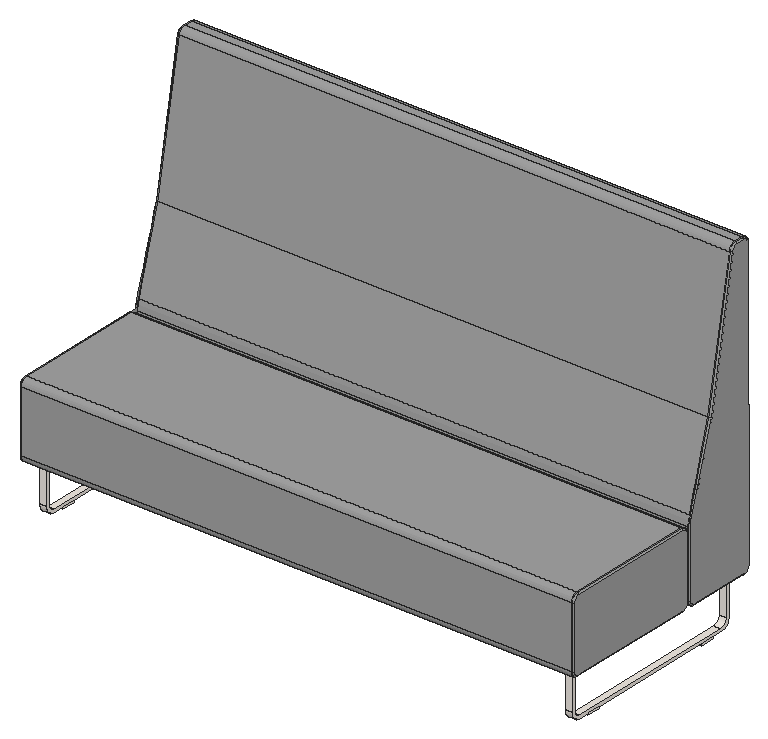
Revit family "Haworth_Riverbend_StraightBench_AP_PRELIMINARY", category Furniture, Revit 2018
Family settings
  OmniClass Number = 23.40.70.14.64.21
  OmniClass Title = Systems Furniture
  Work Plane-Based = No
  Always vertical = Yes
  Cut with Voids When Loaded = No
  Shared = No
  Room Calculation Point = No
Parameters (values of type "2000w x 795d x 720h - High Back")
  Width = 2000 mm
  Warranty = "http://www.haworth.com/resources/product-info/warranties"
  URL - Product = "https://www.haworth.com/ap/en/products/sofas-armchairs/riverbend-pebble.html"
  Trim Finish = Haworth _ Paint _ Plaster
  Symbolic Line Controler = not(No Back)  # yes
  Seat Upholstery Finish [instance] = Haworth _ Fabric _ Tellure _ Steel 3A-39
  No Back = not(or(Mid Back, High Back))  # no
  Min. Width = 700 mm  # constant formula
  Min. Depth = 795 mm  # constant formula
  Mid Back = no
  Max. Width = 2000 mm  # constant formula
  Max. Depth = 850 mm  # constant formula
  Model = "SERISXNX"  # constant formula
  Low = no
  High Back = yes
  High = not(Low)  # yes
  Hardware Finish = Haworth _ Paint _ Plaster
  Front Finish = Haworth _ Plastic _ Black
  Description = "Haworth - Riverbend - Straight Bench"  # constant formula
  URL = "https://www.haworth.com/ap/en.html"
  Size = "Verify Final Dim. w/ Haworth"  # constant formula
  Revision Number = "1"  # constant formula
  Manufacturer = "Haworth"  # constant formula
  Depth = 795 mm
  Custom Width = not(or(Width = 700 mm, Width = 1400 mm, Width = 1700 mm, Width = 2000 mm))  # no
  Custom Size = Custom Width  # no
  Back Upholstery Finish [instance] = Haworth _ Fabric _ Tellure _ Steel 3A-39
  Author = "Haworth (Bentzen, Abd Rahman)"  # constant formula
  Assembly Code = "E2020200"
  Actual Width = if(Width > Max. Width, Max. Width, if(Width < Min. Width, Min. Width, Width))  # 2000 mm
  Actual Height = if(Low, 390 mm, 450 mm)  # 450 mm
  Actual Depth = if(Depth > Max. Depth, Max. Depth, if(Depth < Min. Depth, Min. Depth, Depth))  # 795 mm
Reference planes
  plane 1 "Center F/B": y = 29.014
  plane 2 "Bottom": z = 0
  plane 3 "Center L/R": x = -495.3
  plane 4 "Left": x = -1495.3
  plane 5 "Right": x = 504.7
  plane 6 "Frame Back": y = 426.514
  plane 7 "Chair Front": y = -368.486
  plane 8 "Top": z = 450
  plane 9 "Foot Front - Back of Foot": y = -224.511
  plane 10 "Leg Left - Left of Leg Bracket": x = -1455.7
  plane 11 "Leg Left - Right of Leg": x = -1430.3
  plane 12 "Leg Left - Right of Leg Bracket": x = -1395.375
  plane 13 "Leg Right - Right of Leg Bracket": x = 465.1
  plane 14 "Leg Right - Left of Leg Bracket": x = 404.775
  plane 15 "Leg Right - Left of Leg": x = 439.7
  plane 16 "Left - Top of Chamfer Edge": x = -1488.95
  plane 17 "Right - Top of Chamfer Edge": x = 498.35
  plane 18 "Top - Bottom of Chamfer Edge": z = 443.65
  plane 19 "Frame Bottom": z = 176.95
  plane 20 "Leg Bracket - Bottom": z = 177.8
  plane 21 "Leg Back - Front of Leg": y = 372.139
  plane 22: z = 1270
  plane 23: y = 170.748
  plane 24: y = 177.098
  plane 25: y = 181.627
Lines and regions (mm)
  Masking region 1
    outline origin (0, 0, 450) x (-1, 0, 0) y (0, -1, 0)
      loop
        line (1495.3, -426.514) -> (1495.3, 368.486) -> (-504.7, 368.486) -> (-504.7, -426.514) -> (1495.3, -426.514)
  symbolic lines, style "Haworth", visible <- "Symbolic Line Controler"
    curve 1: line (-1488.95, 183.798, 450) -> (498.35, 183.798, 450)
Dimensions and locks
  "Actual Width": plane 4 "Left" to plane 5 "Right"
  equal spacing: plane 4 "Left", plane 3 "Center L/R", plane 5 "Right"
  "Actual Depth": plane 6 "Frame Back" to plane 7 "Chair Front"
  equal spacing: plane 6 "Frame Back", plane 1 "Center F/B", plane 7 "Chair Front"
  locked: plane 4 "Left" to plane 16 "Left - Top of Chamfer Edge" at 6.35
  locked: plane 17 "Right - Top of Chamfer Edge" to plane 5 "Right" at 6.35
  plane 16 "Left - Top of Chamfer Edge" to plane 10 "Leg Left - Left of Leg Bracket" to plane 11 "Leg Left - Right of Leg" to plane 12 "Leg Left - Right of Leg Bracket" = 33.25 mm locked, 25.4 mm locked, 34.925 mm locked
  plane 14 "Leg Right - Left of Leg Bracket" to plane 15 "Leg Right - Left of Leg" to plane 13 "Leg Right - Right of Leg Bracket" to plane 17 "Right - Top of Chamfer Edge" = 34.925 mm locked, 25.4 mm locked, 33.25 mm locked
  locked: plane 8 "Top" to plane 18 "Top - Bottom of Chamfer Edge" at 6.35
  plane 8 "Top" to plane 19 "Frame Bottom" = 273.05 mm
  "Actual Height": plane 8 "Top" to plane 2 "Bottom"
  plane 8 "Top" to plane 2 "Bottom" = 450 mm
  plane 22 to level = 1270 mm
  plane 21 "Leg Back - Front of Leg" to plane 6 "Frame Back" = 54.375 mm
  plane 1 "Center F/B" to plane 23 to plane 24 to plane 25 = 141.734 mm locked, 6.35 mm locked, 4.529 mm locked
  aligned and locked: plane 7 "Chair Front" to Masking region 1 sketch curve
  aligned and locked: Masking region 1 sketch curve to plane 5 "Right"
  aligned and locked: Masking region 1 sketch curve to plane 4 "Left"
  aligned and locked: Masking region 1 sketch curve to plane 6 "Frame Back"
  aligned and locked: plane 3 "Center L/R" to nested 1
  aligned and locked: plane 7 "Chair Front" to nested 1
  aligned and locked: plane 3 "Center L/R" to nested 3
  aligned and locked: plane 1 "Center F/B" to nested 3
  aligned and locked: plane 3 "Center L/R" to nested 2
  aligned and locked: plane 6 "Frame Back" to nested 2
  aligned and locked: nested 1 to plane 19 "Frame Bottom"
  aligned and locked: nested 2 to plane 19 "Frame Bottom"
  aligned and locked: plane 19 "Frame Bottom" to nested 3  (x2)
Automatic sketch dimensions
  curve 1 to plane 17 "Right - Top of Chamfer Edge" = 0 mm
  curve 1 to plane 16 "Left - Top of Chamfer Edge" = 0 mm
  curve 1 to plane 25 = 2.172 mm
Nested families
  nested 1: "Haworth_Riverbend_StraightBench_Seat-PART" at (0, -5.9, 0), Seat Upholstery Finish <- "Seat Upholstery Finish", type "Seat - PART"
    with Seat Upholstery Finish Haworth _ Fabric _ Tellure _ Steel 3A-39, No Back no, Mid Back no, Actual Width 2000 mm, Actual Depth 795 mm
  nested 2: "Haworth_Riverbend_StraightBench_Back-PART" at (0, -21.6, 0), Back Upholstery Finish <- "Back Upholstery Finish", type "Back - PART"
    with Back Upholstery Finish Haworth _ Fabric _ Tellure _ Steel 3A-39, No Back no, Mid Back no, Actual Width 2000 mm, Actual Height 450 mm, Actual Depth 795 mm
  nested 3: "Haworth_Riverbend_StraightBench_Base-PART" at (0, 21.6, 0), Trim Finish <- "Trim Finish", type "Base - PART"
    with Trim Finish Haworth _ Paint _ Plaster, Power Module no, Actual Height 450 mm
Definition of nested family "Haworth_Riverbend_StraightBench_Seat-PART"
  Parameters (values of type "Seat - PART")
    Warranty = "http://www.haworth.com/resources/product-info/warranties"
    URL - Product = "http://www.haworth.com/products/seating/sofas/riverbend-pebble"
    Symbolic Line Controller = yes
    Seat Upholstery Finish [instance] = none
    No Back = yes
    Mid Back = yes
    Model = "Haworth - Riverbend"  # constant formula
    High Back = yes
    Description = "Haworth - Riverbend - Seat - PART"  # constant formula
    URL = "http://www.haworth.com"
    Size = "Verify Final Dim. w/ Haworth"  # constant formula
    Revision Number = "1"  # constant formula
    Manufacturer = "Haworth"  # constant formula
    Author = "Haworth (Bentzen, Abd Rahman)"  # constant formula
    Assembly Code = "E2020200"
    Actual Width = 1700 mm
    Actual Height = 450 mm
    Actual Depth = 850 mm
  Reference planes
    plane 1 "Center F/B": y = 34.914
    plane 2 "Bottom": z = 0
    plane 3 "Center L/R": x = -495.3
    plane 4 "Left": x = -1345.3
    plane 5 "Right": x = 354.7
    plane 6 "Frame Back": y = 459.914
    plane 7 "Chair Front": y = -390.086
    plane 8 "Top": z = 450
    plane 9 "Back - Chamfer Edge": y = 453.564
    plane 10 "Left - Top of Chamfer Edge": x = -1338.95
    plane 11 "Right - Top of Chamfer Edge": x = 348.35
    plane 12 "Top - Bottom of Chamfer Edge": z = 443.65
    plane 13 "Frame Bottom": z = 176.95
    plane 14 "Bottom - Top of Chamfer Edge": z = 183.3
    plane 15 "Front - Chamfer Edge": y = -383.736
    plane 16 "Leg Bracket - Bottom": z = 177.8
    plane 17 "Leg Bottom - Top of Bottom": z = 15.875
    plane 18 "Foot - Top of Foot": z = 6.35
    plane 19 "Power Mod - Right": x = -544.6
    plane 20: z = 1263.65
    plane 21: y = 176.648
    plane 22: y = 182.998
    plane 23: y = 187.527
  Forms (mm)
    Extrusion 1, solid, material <- "Seat Upholstery Finish", visible <- "No Back"
      sketch origin (-1345.3, 0, 0) x (0, -1, 0) y (0, 0, 1)
        loop
          arc (-434.514, 450) -> (-452.475, 442.561) -> (-459.914, 424.6) r 25.4
          line (-459.914, 424.6) -> (-459.914, 202.35)
          arc (-459.914, 202.35) -> (-452.475, 184.389) -> (-434.514, 176.95) r 25.4
          line (-434.514, 176.95) -> (364.686, 176.95)
          arc (364.686, 176.95) -> (382.646, 184.389) -> (390.086, 202.35) r 25.4
          line (390.086, 202.35) -> (390.086, 424.6)
          arc (390.086, 424.6) -> (382.646, 442.561) -> (364.686, 450) r 25.4
          line (364.686, 450) -> (-434.514, 450)
      from -1693.65 to -6.35
    Extrusion 2, solid, material <- "Seat Upholstery Finish", visible <- "High Back"
      sketch origin (-1345.3, -271.016, 0) x (0, -1, 0) y (0, 0, 1)
        loop
          arc (-428.614, 450) -> (-446.575, 442.561) -> (-454.014, 424.6) r 25.4
          line (-454.014, 424.6) -> (-454.014, 202.35)
          arc (-454.014, 202.35) -> (-446.575, 184.389) -> (-428.614, 176.95) r 25.4
          line (-428.614, 176.95) -> (93.67, 176.95)
          arc (93.67, 176.95) -> (111.63, 184.389) -> (119.07, 202.35) r 25.4
          line (119.07, 202.35) -> (119.07, 424.6)
          arc (119.07, 424.6) -> (111.63, 442.561) -> (93.67, 450) r 25.4
          line (93.67, 450) -> (-428.614, 450)
      from -1693.65 to -6.35
    Extrusion 3, solid, material <- "Seat Upholstery Finish", visible <- "Mid Back"
      sketch origin (-1345.3, -220, 0) x (0, -1, 0) y (0, 0, 1)
        loop
          arc (-383.498, 450) -> (-401.459, 442.561) -> (-408.898, 424.6) r 25.4
          line (-408.898, 424.6) -> (-408.898, 202.35)
          arc (-408.898, 202.35) -> (-401.459, 184.389) -> (-383.498, 176.95) r 25.4
          line (-383.498, 176.95) -> (144.686, 176.95)
          arc (144.686, 176.95) -> (162.646, 184.389) -> (170.086, 202.35) r 25.4
          line (170.086, 202.35) -> (170.086, 424.6)
          arc (170.086, 424.6) -> (162.646, 442.561) -> (144.686, 450) r 25.4
          line (144.686, 450) -> (-383.498, 450)
      from -1693.65 to -6.35
    Blend 4, solid, material <- "Seat Upholstery Finish", visible <- "No Back"
      base sketch origin (850.9, 0, 0) x (0, -1, 0) y (0, 0, -1)
        loop
          arc (364.686, -450) -> (382.646, -442.561) -> (390.086, -424.6) r 25.4
          line (390.086, -424.6) -> (390.086, -202.35)
          arc (390.086, -202.35) -> (382.646, -184.389) -> (364.686, -176.95) r 25.4
          line (364.686, -176.95) -> (-434.514, -176.95)
          arc (-434.514, -176.95) -> (-452.475, -184.389) -> (-459.914, -202.35) r 25.4
          line (-459.914, -202.35) -> (-459.914, -424.6)
          arc (-459.914, -424.6) -> (-452.475, -442.561) -> (-434.514, -450) r 25.4
          line (-434.514, -450) -> (364.686, -450)
      top sketch origin (355.6, 0, 0) x (0, -1, 0) y (0, 0, -1)
        loop
          line (-434.514, -443.65) -> (364.686, -443.65)
          arc (364.686, -443.65) -> (378.156, -438.07) -> (383.736, -424.6) r 19.05
          line (383.736, -424.6) -> (383.736, -202.35)
          arc (383.736, -202.35) -> (378.156, -188.88) -> (364.686, -183.3) r 19.05
          line (364.686, -183.3) -> (-434.514, -183.3)
          arc (-434.514, -183.3) -> (-447.984, -188.88) -> (-453.564, -202.35) r 19.05
          line (-453.564, -202.35) -> (-453.564, -424.6)
          arc (-453.564, -424.6) -> (-447.984, -438.07) -> (-434.514, -443.65) r 19.05
      from -502.55 to -0.9
    Blend 5, solid, material <- "Seat Upholstery Finish", visible <- "Symbolic Line Controller"
      base sketch origin (850.9, -220, 0) x (0, -1, 0) y (0, 0, -1)
        loop
          arc (144.686, -450) -> (162.646, -442.561) -> (170.086, -424.6) r 25.4
          line (170.086, -424.6) -> (170.086, -202.35)
          arc (170.086, -202.35) -> (162.646, -184.389) -> (144.686, -176.95) r 25.4
          line (144.686, -176.95) -> (-377.598, -176.95)
          arc (-377.598, -176.95) -> (-395.559, -184.389) -> (-402.998, -202.35) r 25.4
          line (-402.998, -202.35) -> (-402.998, -424.6)
          arc (-402.998, -424.6) -> (-395.559, -442.561) -> (-377.598, -450) r 25.4
          line (-377.598, -450) -> (144.686, -450)
      top sketch origin (355.6, -220, 0) x (0, -1, 0) y (0, 0, -1)
        loop
          line (-377.598, -443.65) -> (144.686, -443.65)
          arc (144.686, -443.65) -> (158.156, -438.07) -> (163.736, -424.6) r 19.05
          line (163.736, -424.6) -> (163.736, -202.35)
          arc (163.736, -202.35) -> (158.156, -188.88) -> (144.686, -183.3) r 19.05
          line (144.686, -183.3) -> (-377.598, -183.3)
          arc (-377.598, -183.3) -> (-391.068, -188.88) -> (-396.648, -202.35) r 19.05
          line (-396.648, -202.35) -> (-396.648, -424.6)
          arc (-396.648, -424.6) -> (-391.068, -438.07) -> (-377.598, -443.65) r 19.05
      from -502.55 to -0.9
    Blend 6, solid, material <- "Seat Upholstery Finish", visible <- "No Back"
      base sketch origin (-2651.3, 0, 0) x (0, -1, 0) y (0, 0, 1)
        loop
          line (364.686, 450) -> (-434.514, 450)
          arc (-434.514, 450) -> (-452.475, 442.561) -> (-459.914, 424.6) r 25.4
          line (-459.914, 424.6) -> (-459.914, 202.35)
          arc (-459.914, 202.35) -> (-452.475, 184.389) -> (-434.514, 176.95) r 25.4
          line (-434.514, 176.95) -> (364.686, 176.95)
          arc (364.686, 176.95) -> (382.646, 184.389) -> (390.086, 202.35) r 25.4
          line (390.086, 202.35) -> (390.086, 424.6)
          arc (390.086, 424.6) -> (382.646, 442.561) -> (364.686, 450) r 25.4
      top sketch origin (-2156, 0, 0) x (0, -1, 0) y (0, 0, 1)
        loop
          arc (-434.514, 443.65) -> (-447.984, 438.07) -> (-453.564, 424.6) r 19.05
          line (-453.564, 424.6) -> (-453.564, 202.35)
          arc (-453.564, 202.35) -> (-447.984, 188.88) -> (-434.514, 183.3) r 19.05
          line (-434.514, 183.3) -> (364.686, 183.3)
          arc (364.686, 183.3) -> (378.156, 188.88) -> (383.736, 202.35) r 19.05
          line (383.736, 202.35) -> (383.736, 424.6)
          arc (383.736, 424.6) -> (378.156, 438.07) -> (364.686, 443.65) r 19.05
          line (364.686, 443.65) -> (-434.514, 443.65)
      from -1312.35 to -810.7
    Blend 7, solid, material <- "Seat Upholstery Finish", visible <- "Symbolic Line Controller"
      base sketch origin (-2651.3, -220, 0) x (0, -1, 0) y (0, 0, 1)
        loop
          line (144.686, 450) -> (-377.598, 450)
          arc (-377.598, 450) -> (-395.559, 442.561) -> (-402.998, 424.6) r 25.4
          line (-402.998, 424.6) -> (-402.998, 202.35)
          arc (-402.998, 202.35) -> (-395.559, 184.389) -> (-377.598, 176.95) r 25.4
          line (-377.598, 176.95) -> (144.686, 176.95)
          arc (144.686, 176.95) -> (162.646, 184.389) -> (170.086, 202.35) r 25.4
          line (170.086, 202.35) -> (170.086, 424.6)
          arc (170.086, 424.6) -> (162.646, 442.561) -> (144.686, 450) r 25.4
      top sketch origin (-2156, -220, 0) x (0, -1, 0) y (0, 0, 1)
        loop
          arc (-377.598, 443.65) -> (-391.068, 438.07) -> (-396.648, 424.6) r 19.05
          line (-396.648, 424.6) -> (-396.648, 202.35)
          arc (-396.648, 202.35) -> (-391.068, 188.88) -> (-377.598, 183.3) r 19.05
          line (-377.598, 183.3) -> (144.686, 183.3)
          arc (144.686, 183.3) -> (158.156, 188.88) -> (163.736, 202.35) r 19.05
          line (163.736, 202.35) -> (163.736, 424.6)
          arc (163.736, 424.6) -> (158.156, 438.07) -> (144.686, 443.65) r 19.05
          line (144.686, 443.65) -> (-377.598, 443.65)
      from -1312.35 to -810.7
  Lines and regions (mm)
    Masking region 1
      outline origin (0, 0, 450) x (-1, 0, 0) y (0, -1, 0)
        loop
          line (1345.3, -459.914) -> (1345.3, 390.086) -> (-354.7, 390.086) -> (-354.7, -459.914) -> (1345.3, -459.914)
    symbolic lines, detail levels medium+fine
      curve 1: line (-1338.95, 189.698, 450) -> (348.35, 189.698, 450)
  Dimensions and locks
    "Actual Width": plane 4 "Left" to plane 5 "Right"
    equal spacing: plane 4 "Left", plane 3 "Center L/R", plane 5 "Right"
    "Actual Depth": plane 6 "Frame Back" to plane 7 "Chair Front"
    equal spacing: plane 6 "Frame Back", plane 1 "Center F/B", plane 7 "Chair Front"
    locked: plane 6 "Frame Back" to plane 9 "Back - Chamfer Edge" at 6.35
    locked: plane 4 "Left" to plane 10 "Left - Top of Chamfer Edge" at 6.35
    locked: plane 11 "Right - Top of Chamfer Edge" to plane 5 "Right" at 6.35
    locked: plane 8 "Top" to plane 12 "Top - Bottom of Chamfer Edge" at 6.35
    locked: plane 14 "Bottom - Top of Chamfer Edge" to plane 13 "Frame Bottom" at 6.35
    plane 8 "Top" to plane 13 "Frame Bottom" = 273.05 mm
    "Actual Height": plane 8 "Top" to plane 2 "Bottom"
    locked: plane 15 "Front - Chamfer Edge" to plane 7 "Chair Front" at 6.35
    plane 8 "Top" to plane 2 "Bottom" = 450 mm
    plane 21 to plane 22 to plane 23 to plane 9 "Back - Chamfer Edge" = 6.35 mm locked, 4.529 mm locked, 266.037 mm locked
    aligned and locked: plane 6 "Frame Back" to Extrusion 1
    aligned and locked: Extrusion 1 to plane 7 "Chair Front"
    aligned and locked: Extrusion 1 to plane 10 "Left - Top of Chamfer Edge"
    aligned and locked: plane 11 "Right - Top of Chamfer Edge" to Extrusion 1
    aligned and locked: Extrusion 1 to plane 13 "Frame Bottom"
    aligned and locked: plane 8 "Top" to Extrusion 1
    aligned and locked: plane 11 "Right - Top of Chamfer Edge" to Extrusion 3
    aligned and locked: plane 11 "Right - Top of Chamfer Edge" to Extrusion 2
    aligned and locked: Extrusion 3 sketch curve to plane 8 "Top"
    aligned and locked: plane 7 "Chair Front" to Extrusion 3 sketch curve
    aligned and locked: plane 13 "Frame Bottom" to Extrusion 3 sketch curve
    aligned and locked: plane 13 "Frame Bottom" to Extrusion 2 sketch curve
    aligned and locked: Extrusion 2 sketch curve to plane 8 "Top"
    aligned and locked: plane 7 "Chair Front" to Extrusion 2 sketch curve
    aligned and locked: plane 5 "Right" to Blend 4
    aligned and locked: Blend 4 to plane 11 "Right - Top of Chamfer Edge"
    aligned and locked: plane 5 "Right" to Blend 5
    aligned and locked: Blend 5 to plane 11 "Right - Top of Chamfer Edge"
    aligned and locked: plane 10 "Left - Top of Chamfer Edge" to Blend 7
    aligned and locked: plane 10 "Left - Top of Chamfer Edge" to Blend 6
    aligned and locked: plane 4 "Left" to Blend 7
    aligned and locked: plane 4 "Left" to Blend 6
    aligned and locked: plane 7 "Chair Front" to Masking region 1 sketch curve
    aligned and locked: Masking region 1 sketch curve to plane 5 "Right"
    aligned and locked: Masking region 1 sketch curve to plane 4 "Left"
    aligned and locked: Masking region 1 sketch curve to plane 6 "Frame Back"
    aligned and locked: plane 22 to Blend 5 sketch curve
    aligned and locked: plane 7 "Chair Front" to Blend 5 sketch curve
    aligned and locked: Blend 5 sketch curve to plane 8 "Top"
    aligned and locked: plane 13 "Frame Bottom" to Blend 5 sketch curve
    aligned and locked: plane 12 "Top - Bottom of Chamfer Edge" to Blend 5 sketch curve
    aligned and locked: plane 15 "Front - Chamfer Edge" to Blend 5 sketch curve
    aligned and locked: plane 14 "Bottom - Top of Chamfer Edge" to Blend 5 sketch curve
    aligned and locked: Blend 5 sketch curve to plane 21
    aligned and locked: plane 13 "Frame Bottom" to Blend 4 sketch curve
    aligned and locked: Blend 4 sketch curve to plane 6 "Frame Back"
    aligned and locked: Blend 4 sketch curve to plane 8 "Top"
    aligned and locked: plane 7 "Chair Front" to Blend 4 sketch curve
    aligned and locked: plane 15 "Front - Chamfer Edge" to Blend 4 sketch curve
    aligned and locked: plane 12 "Top - Bottom of Chamfer Edge" to Blend 4 sketch curve
    aligned and locked: plane 14 "Bottom - Top of Chamfer Edge" to Blend 4 sketch curve
    aligned and locked: plane 9 "Back - Chamfer Edge" to Blend 4 sketch curve
    aligned and locked: plane 8 "Top" to Extrusion 1 sketch curve
    aligned and locked: Extrusion 1 sketch curve to plane 13 "Frame Bottom"
    aligned and locked: plane 6 "Frame Back" to Extrusion 1 sketch curve
    aligned and locked: Extrusion 1 sketch curve to plane 7 "Chair Front"
  Automatic sketch dimensions
    curve 1 to plane 11 "Right - Top of Chamfer Edge" = 0 mm
    curve 1 to plane 10 "Left - Top of Chamfer Edge" = 0 mm
    Extrusion 1 sketch curve to plane 9 "Back - Chamfer Edge" = 19.05 mm  (x2)
    Extrusion 2 sketch curve to Extrusion 2 sketch curve = 25.4 mm
    Extrusion 2 sketch curve to plane 12 "Top - Bottom of Chamfer Edge" = 19.05 mm
    plane 14 "Bottom - Top of Chamfer Edge" to Extrusion 3 sketch curve = 19.05 mm  (x2)
    Blend 4 sketch curve to plane 9 "Back - Chamfer Edge" = 19.05 mm  (x4)
    Blend 6 sketch curve to plane 6 "Frame Back" = 0 mm
    Blend 6 sketch curve to plane 13 "Frame Bottom" = 0 mm
    Blend 6 sketch curve to plane 8 "Top" = 0 mm
    Blend 6 sketch curve to plane 7 "Chair Front" = 0 mm
    Blend 6 sketch curve to plane 9 "Back - Chamfer Edge" = 19.05 mm  (x4)
    Blend 6 sketch curve to plane 9 "Back - Chamfer Edge" = 0 mm
    Blend 6 sketch curve to plane 14 "Bottom - Top of Chamfer Edge" = 0 mm
    Blend 6 sketch curve to plane 12 "Top - Bottom of Chamfer Edge" = 0 mm
    Blend 6 sketch curve to plane 15 "Front - Chamfer Edge" = 0 mm
    Blend 7 sketch curve to plane 13 "Frame Bottom" = 0 mm
    Blend 7 sketch curve to plane 8 "Top" = 0 mm
    Blend 7 sketch curve to plane 7 "Chair Front" = 0 mm
    Blend 7 sketch curve to plane 12 "Top - Bottom of Chamfer Edge" = 19.05 mm
    Blend 7 sketch curve to plane 1 "Center F/B" = 122.684 mm  (x2)
    plane 14 "Bottom - Top of Chamfer Edge" to Blend 7 sketch curve = 19.05 mm  (x3)
    Blend 7 sketch curve to plane 14 "Bottom - Top of Chamfer Edge" = 0 mm
    Blend 7 sketch curve to plane 12 "Top - Bottom of Chamfer Edge" = 0 mm
    Blend 7 sketch curve to plane 15 "Front - Chamfer Edge" = 0 mm
    Blend 7 sketch curve to Blend 7 sketch curve = 19.05 mm
    Blend 5 sketch curve to plane 12 "Top - Bottom of Chamfer Edge" = 19.05 mm
    plane 14 "Bottom - Top of Chamfer Edge" to Blend 5 sketch curve = 19.05 mm  (x2)
    Blend 5 sketch curve to Blend 5 sketch curve = 19.05 mm  (x2)
    Extrusion 2 sketch curve to plane 22 = 0 mm
    plane 14 "Bottom - Top of Chamfer Edge" to Extrusion 1 sketch curve = 19.05 mm
    plane 15 "Front - Chamfer Edge" to Extrusion 1 sketch curve = 19.05 mm
    plane 14 "Bottom - Top of Chamfer Edge" to Extrusion 2 sketch curve = 19.05 mm
    plane 15 "Front - Chamfer Edge" to Extrusion 2 sketch curve = 19.05 mm
    plane 15 "Front - Chamfer Edge" to Extrusion 3 sketch curve = 19.05 mm
    plane 15 "Front - Chamfer Edge" to Blend 4 sketch curve = 19.05 mm  (x3)
    Blend 4 sketch curve to Blend 4 sketch curve = 19.05 mm
    plane 15 "Front - Chamfer Edge" to Blend 5 sketch curve = 19.05 mm  (x3)
    plane 15 "Front - Chamfer Edge" to Blend 6 sketch curve = 19.05 mm  (x3)
    plane 14 "Bottom - Top of Chamfer Edge" to Blend 6 sketch curve = 19.05 mm
    plane 15 "Front - Chamfer Edge" to Blend 7 sketch curve = 19.05 mm  (x3)
    curve 1 to plane 23 = 2.172 mm
    plane 21 to Extrusion 3 sketch curve = 13.15 mm  (x2)
Definition of nested family "Haworth_Riverbend_StraightBench_Back-PART"
  Parameters (values of type "Back - PART")
    Warranty = "http://www.haworth.com/resources/product-info/warranties"
    URL - Product = "http://www.haworth.com/products/seating/sofas/riverbend-pebble"
    No Back = yes
    Mid Back = yes
    Model = "Haworth - Riverbend"  # constant formula
    High Back = yes
    Description = "Haworth - Riverbend - Back - PART"  # constant formula
    URL = "http://www.haworth.com"
    Size = "Verify Final Dim. w/ Haworth"  # constant formula
    Revision Number = "1"  # constant formula
    Manufacturer = "Haworth"  # constant formula
    Back Upholstery Finish [instance] = none
    Author = "Haworth (Bentzen, Abd Rahman)"  # constant formula
    Assembly Code = "E2020200"
    Actual Width = 711.2 mm
    Actual Height = 457.2 mm
    Actual Depth = 838.2 mm
  Reference planes
    plane 1 "Center F/B": y = 29.014
    plane 2 "Bottom": z = 0
    plane 3 "Center L/R": x = -495.3
    plane 4 "Left": x = -850.9
    plane 5 "Right": x = -139.7
    plane 6 "Frame Back": y = 448.114
    plane 7 "Chair Front": y = -390.086
    plane 8 "Top": z = 457.2
    plane 9 "Leg Back - Back of Leg Bracket": y = 403.264
    plane 10 "Leg Back - Front of Leg Bracket": y = 342.939
    plane 11 "Foot Back - Back of Foot": y = 333.339
    plane 12 "Foot Back - Front of Foot": y = 282.539
    plane 13 "Leg Left - Left of Leg Bracket": x = -811.3
    plane 14 "Leg Left - Right of Leg": x = -785.9
    plane 15 "Leg Left - Right of Leg Bracket": x = -750.975
    plane 16 "Leg Right - Right of Leg Bracket": x = -179.3
    plane 17 "Leg Right - Left of Leg Bracket": x = -239.625
    plane 18 "Leg Right - Left of Leg": x = -204.7
    plane 19 "Back - Chamfer Edge": y = 441.764
    plane 20 "Left - Top of Chamfer Edge": x = -844.55
    plane 21 "Right - Top of Chamfer Edge": x = -146.05
    plane 22 "Top - Bottom of Chamfer Edge": z = 450.85
    plane 23 "Frame Bottom": z = 184.15
    plane 24 "Bottom - Top of Chamfer Edge": z = 190.5
    plane 25 "Leg Bracket - Bottom": z = 177.8
    plane 26 "Leg Back - Front of Leg": y = 393.739
    plane 27 "Power Mod - Left": x = -709.7
    plane 28 "Power Mod - Right": x = -544.6
    plane 29: z = 787.4
    plane 30: z = 781.05
    plane 31: through (0, 296.073, 745.848) normal (0, -0.9811, 0.1935)
    plane 32: z = 1270
    plane 33: through (0, 254.794, 690.235) normal (0, -0.9542, 0.299)
    plane 34: through (0, 328.226, 1029.022) normal (0, -0.9817, 0.1904)
    plane 35: z = 1263.65
    plane 36: y = 170.748
    plane 37: y = 177.098
    plane 38: y = 181.627
  Forms (mm)
    Extrusion 1, solid, material <- "Back Upholstery Finish", visible <- "Mid Back"
      sketch origin (-850.9, -2620.991, 54.15) x (0, -1, 0) y (0, 0, 1)
        loop
          arc (-3069.105, 155.4) -> (-3061.666, 137.439) -> (-3043.705, 130) r 25.4
          line (-3043.705, 130) -> (-2823.489, 130)
          arc (-2823.489, 130) -> (-2805.529, 137.439) -> (-2798.089, 155.4) r 25.4
          line (-2798.089, 155.4) -> (-2798.089, 393.992)
          arc (-2798.089, 393.992) -> (-2800.347, 412.731) -> (-2804.877, 431.054) r 154.13
          line (-2804.877, 431.054) -> (-2888.595, 698.198)
          arc (-2888.595, 698.198) -> (-2906.709, 723.545) -> (-2936.313, 733.25) r 50.006
          line (-2936.313, 733.25) -> (-3019.105, 733.25)
          arc (-3019.105, 733.25) -> (-3054.461, 718.605) -> (-3069.105, 683.25) r 50
          line (-3069.105, 683.25) -> (-3069.105, 155.4)
      from -704.85 to -6.35
    Blend 2, solid, material <- "Back Upholstery Finish", visible <- "Mid Back"
      base sketch origin (-844.55, 668.212, -169.305) x (0, -1, 0) y (0, 0, 1)
        loop
          arc (270.098, 956.705) -> (234.743, 942.06) -> (220.098, 906.705) r 50
          line (220.098, 906.705) -> (220.098, 378.855)
          arc (220.098, 378.855) -> (227.537, 360.895) -> (245.498, 353.455) r 25.4
          line (245.498, 353.455) -> (465.714, 353.455)
          arc (465.714, 353.455) -> (483.674, 360.895) -> (491.114, 378.855) r 25.4
          line (491.114, 378.855) -> (491.114, 617.447)
          arc (491.114, 617.447) -> (488.857, 636.186) -> (484.326, 654.509) r 154.13
          line (484.326, 654.509) -> (400.608, 921.653)
          arc (400.608, 921.653) -> (382.494, 947) -> (352.89, 956.705) r 50.006
          line (352.89, 956.705) -> (270.098, 956.705)
      top sketch origin (-844.55, 668.212, -169.305) x (0, -1, 0) y (0, 0, 1)
        loop
          line (352.89, 950.355) -> (270.098, 950.355)
          arc (270.098, 950.355) -> (239.233, 937.57) -> (226.448, 906.705) r 43.65
          line (226.448, 906.705) -> (226.448, 378.855)
          arc (226.448, 378.855) -> (232.028, 365.385) -> (245.498, 359.805) r 19.05
          line (245.498, 359.805) -> (467.535, 359.805)
          arc (467.535, 359.805) -> (481.006, 365.385) -> (486.585, 378.855) r 19.05
          line (486.585, 378.855) -> (486.585, 626.065) -> (394.549, 919.754)
          arc (394.549, 919.754) -> (378.735, 941.883) -> (352.89, 950.355) r 43.656
      from 0 to 6.35
    Extrusion 3, solid, material <- "Back Upholstery Finish", visible <- "High Back"
      sketch origin (-844.55, -4078.355, 54.15) x (0, -1, 0) y (0, 0, 1)
        loop
          arc (-4526.469, 155.4) -> (-4519.03, 137.439) -> (-4501.069, 130) r 25.4
          line (-4501.069, 130) -> (-4280.853, 130)
          arc (-4280.853, 130) -> (-4262.893, 137.439) -> (-4255.453, 155.4) r 25.4
          line (-4255.453, 155.4) -> (-4255.453, 393.992)
          arc (-4255.453, 393.992) -> (-4257.711, 412.731) -> (-4262.242, 431.054) r 154.13
          line (-4262.242, 431.054) -> (-4347.235, 702.268) -> (-4442.757, 1194.718)
          arc (-4442.757, 1194.718) -> (-4451.774, 1209.886) -> (-4468.381, 1215.85) r 26.102
          line (-4468.381, 1215.85) -> (-4500.1, 1215.85)
          arc (-4500.1, 1215.85) -> (-4518.746, 1208.126) -> (-4526.469, 1189.48) r 26.37
          line (-4526.469, 1189.48) -> (-4526.469, 155.4)
      from -698.5 to 0
    Blend 4, solid, material <- "Back Upholstery Finish", visible <- "High Back"
      base sketch origin (-844.55, 712.662, -169.305) x (0, -1, 0) y (0, 0, 1)
        loop
          line (264.548, 1412.935) -> (264.548, 378.855)
          arc (264.548, 378.855) -> (271.987, 360.895) -> (289.948, 353.455) r 25.4
          line (289.948, 353.455) -> (510.164, 353.455)
          arc (510.164, 353.455) -> (528.124, 360.895) -> (535.564, 378.855) r 25.4
          line (535.564, 378.855) -> (535.564, 617.447)
          arc (535.564, 617.447) -> (533.307, 636.186) -> (528.776, 654.509) r 154.13
          line (528.776, 654.509) -> (443.782, 925.723) -> (348.261, 1418.173)
          arc (348.261, 1418.173) -> (339.243, 1433.341) -> (322.636, 1439.305) r 26.102
          line (322.636, 1439.305) -> (290.918, 1439.305)
          arc (290.918, 1439.305) -> (272.271, 1431.582) -> (264.548, 1412.935) r 26.37
      top sketch origin (-844.55, 712.662, -169.305) x (0, -1, 0) y (0, 0, 1)
        loop
          arc (290.918, 1432.955) -> (276.762, 1427.091) -> (270.898, 1412.935) r 20.02
          line (270.898, 1412.935) -> (270.898, 378.855)
          arc (270.898, 378.855) -> (276.478, 365.385) -> (289.948, 359.805) r 19.05
          line (289.948, 359.805) -> (511.985, 359.805)
          arc (511.985, 359.805) -> (525.456, 365.385) -> (531.035, 378.855) r 19.05
          line (531.035, 378.855) -> (531.035, 626.065) -> (437.616, 924.164) -> (342.027, 1416.964)
          arc (342.027, 1416.964) -> (335.203, 1428.442) -> (322.636, 1432.955) r 19.752
          line (322.636, 1432.955) -> (290.918, 1432.955)
      from 0 to 6.35
    Blend 5, solid, material <- "Back Upholstery Finish", visible <- "High Back"
      base sketch origin (844.55, 712.662, -169.305) x (0, -1, 0) y (0, 0, -1)
        loop
          arc (264.548, -1412.935) -> (272.271, -1431.582) -> (290.918, -1439.305) r 26.37
          line (290.918, -1439.305) -> (322.636, -1439.305)
          arc (322.636, -1439.305) -> (339.243, -1433.341) -> (348.261, -1418.173) r 26.102
          line (348.261, -1418.173) -> (443.782, -925.723) -> (528.776, -654.509)
          arc (528.776, -654.509) -> (533.307, -636.186) -> (535.564, -617.447) r 154.13
          line (535.564, -617.447) -> (535.564, -378.855)
          arc (535.564, -378.855) -> (528.124, -360.895) -> (510.164, -353.455) r 25.4
          line (510.164, -353.455) -> (289.948, -353.455)
          arc (289.948, -353.455) -> (271.987, -360.895) -> (264.548, -378.855) r 25.4
          line (264.548, -378.855) -> (264.548, -1412.935)
      top sketch origin (844.55, 712.662, -169.305) x (0, -1, 0) y (0, 0, -1)
        loop
          line (290.918, -1432.955) -> (322.636, -1432.955)
          arc (322.636, -1432.955) -> (335.203, -1428.442) -> (342.027, -1416.964) r 19.752
          line (342.027, -1416.964) -> (437.616, -924.164) -> (531.035, -626.065) -> (531.035, -378.855)
          arc (531.035, -378.855) -> (525.456, -365.385) -> (511.985, -359.805) r 19.05
          line (511.985, -359.805) -> (289.948, -359.805)
          arc (289.948, -359.805) -> (276.478, -365.385) -> (270.898, -378.855) r 19.05
          line (270.898, -378.855) -> (270.898, -1412.935)
          arc (270.898, -1412.935) -> (276.762, -1427.091) -> (290.918, -1432.955) r 20.02
      from -990.6 to -984.25
    Blend 6, solid, material <- "Back Upholstery Finish", visible <- "Mid Back"
      base sketch origin (844.55, 668.212, -169.305) x (0, -1, 0) y (0, 0, -1)
        loop
          arc (352.89, -956.705) -> (382.494, -947) -> (400.608, -921.653) r 50.006
          line (400.608, -921.653) -> (484.326, -654.509)
          arc (484.326, -654.509) -> (488.857, -636.186) -> (491.114, -617.447) r 154.13
          line (491.114, -617.447) -> (491.114, -378.855)
          arc (491.114, -378.855) -> (483.674, -360.895) -> (465.714, -353.455) r 25.4
          line (465.714, -353.455) -> (245.498, -353.455)
          arc (245.498, -353.455) -> (227.537, -360.895) -> (220.098, -378.855) r 25.4
          line (220.098, -378.855) -> (220.098, -906.705)
          arc (220.098, -906.705) -> (234.743, -942.06) -> (270.098, -956.705) r 50
          line (270.098, -956.705) -> (352.89, -956.705)
      top sketch origin (844.55, 668.212, -169.305) x (0, -1, 0) y (0, 0, -1)
        loop
          line (270.098, -950.355) -> (352.89, -950.355)
          arc (352.89, -950.355) -> (378.735, -941.883) -> (394.549, -919.754) r 43.656
          line (394.549, -919.754) -> (486.585, -626.065) -> (486.585, -378.855)
          arc (486.585, -378.855) -> (481.006, -365.385) -> (467.535, -359.805) r 19.05
          line (467.535, -359.805) -> (245.498, -359.805)
          arc (245.498, -359.805) -> (232.028, -365.385) -> (226.448, -378.855) r 19.05
          line (226.448, -378.855) -> (226.448, -906.705)
          arc (226.448, -906.705) -> (239.233, -937.57) -> (270.098, -950.355) r 43.65
      from -990.6 to -984.25
  Lines and regions (mm)
    Masking region 1
      outline origin (0, 0, 457.2) x (-1, 0, 0) y (0, -1, 0)
        loop
          line (850.9, -448.114) -> (850.9, -177.098) -> (139.7, -177.098) -> (139.7, -448.114) -> (850.9, -448.114)
    symbolic lines, detail levels medium+fine
      curve 1: line (-844.55, 177.898, 457.2) -> (-146.05, 177.898, 457.2)
  Dimensions and locks
    "Actual Width": plane 4 "Left" to plane 5 "Right"
    equal spacing: plane 4 "Left", plane 3 "Center L/R", plane 5 "Right"
    locked: plane 6 "Frame Back" to plane 7 "Chair Front" at 838.2
    equal spacing: plane 6 "Frame Back", plane 1 "Center F/B", plane 7 "Chair Front"
    locked: plane 6 "Frame Back" to plane 19 "Back - Chamfer Edge" at 6.35
    locked: plane 4 "Left" to plane 20 "Left - Top of Chamfer Edge" at 6.35
    locked: plane 21 "Right - Top of Chamfer Edge" to plane 5 "Right" at 6.35
    plane 20 "Left - Top of Chamfer Edge" to plane 13 "Leg Left - Left of Leg Bracket" to plane 14 "Leg Left - Right of Leg" to plane 15 "Leg Left - Right of Leg Bracket" = 33.25 mm locked, 25.4 mm locked, 34.925 mm locked
    plane 17 "Leg Right - Left of Leg Bracket" to plane 18 "Leg Right - Left of Leg" to plane 16 "Leg Right - Right of Leg Bracket" to plane 21 "Right - Top of Chamfer Edge" = 34.925 mm locked, 25.4 mm locked, 33.25 mm locked
    locked: plane 8 "Top" to plane 22 "Top - Bottom of Chamfer Edge" at 6.35
    locked: plane 24 "Bottom - Top of Chamfer Edge" to plane 23 "Frame Bottom" at 6.35
    plane 8 "Top" to plane 23 "Frame Bottom" = 273.05 mm
    "Actual Height": plane 8 "Top" to plane 2 "Bottom"
    plane 19 "Back - Chamfer Edge" to plane 9 "Leg Back - Back of Leg Bracket" to plane 10 "Leg Back - Front of Leg Bracket" to plane 11 "Foot Back - Back of Foot" to plane 12 "Foot Back - Front of Foot" = 38.5 mm locked, 60.325 mm locked, 9.6 mm locked, 50.8 mm locked
    plane 8 "Top" to plane 2 "Bottom" = 457.2 mm
    locked: plane 14 "Leg Left - Right of Leg" to plane 27 "Power Mod - Left" at 76.2
    level to plane 29 = 787.4 mm
    plane 32 to level = 1270 mm
    Blend 4 sketch curve to plane 12 "Foot Back - Front of Foot" = 7.493 mm
    plane 26 "Leg Back - Front of Leg" to plane 9 "Leg Back - Back of Leg Bracket" to plane 19 "Back - Chamfer Edge" to plane 6 "Frame Back" = 9.525 mm, 38.5 mm, 6.35 mm
    plane 1 "Center F/B" to plane 36 to plane 37 to plane 38 = 141.734 mm locked, 6.35 mm locked, 4.529 mm locked
    aligned and locked: Extrusion 1 to plane 23 "Frame Bottom"
    aligned and locked: Extrusion 1 to plane 20 "Left - Top of Chamfer Edge"
    aligned and locked: plane 21 "Right - Top of Chamfer Edge" to Extrusion 1
    aligned and locked: plane 20 "Left - Top of Chamfer Edge" to Blend 2
    aligned and locked: plane 4 "Left" to Blend 2
    aligned and locked: Extrusion 3 to plane 20 "Left - Top of Chamfer Edge"
    aligned and locked: plane 21 "Right - Top of Chamfer Edge" to Extrusion 3
    aligned and locked: plane 4 "Left" to Blend 4
    aligned and locked: plane 20 "Left - Top of Chamfer Edge" to Blend 4
    aligned and locked: plane 6 "Frame Back" to Extrusion 1
    aligned and locked: plane 29 to Extrusion 1 sketch curve
    aligned and locked: Blend 2 to Extrusion 1 sketch curve
    aligned and locked: plane 23 "Frame Bottom" to Extrusion 1 sketch curve
    aligned and locked: Blend 4 sketch curve to Extrusion 3
    aligned and locked: plane 5 "Right" to Blend 5
    aligned and locked: Blend 5 to plane 21 "Right - Top of Chamfer Edge"
    aligned and locked: plane 5 "Right" to Blend 6
    aligned and locked: Blend 6 to plane 21 "Right - Top of Chamfer Edge"
    aligned and locked: Masking region 1 sketch curve to plane 5 "Right"
    aligned and locked: Masking region 1 sketch curve to plane 4 "Left"
    aligned and locked: Masking region 1 sketch curve to plane 6 "Frame Back"
    aligned and locked: Blend 6 sketch curve to plane 37
    aligned and locked: plane 23 "Frame Bottom" to Blend 6 sketch curve
    aligned and locked: Blend 6 sketch curve to plane 6 "Frame Back"
    aligned and locked: Blend 6 sketch curve to plane 29
    aligned and locked: Blend 6 sketch curve to plane 30
    aligned and locked: Blend 6 sketch curve to plane 19 "Back - Chamfer Edge"
    aligned and locked: plane 24 "Bottom - Top of Chamfer Edge" to Blend 6 sketch curve
    aligned and locked: Blend 6 sketch curve to plane 38
    aligned and locked: plane 23 "Frame Bottom" to Blend 5 sketch curve
    aligned and locked: Blend 5 sketch curve to plane 6 "Frame Back"
    aligned and locked: plane 37 to Blend 5 sketch curve
    aligned and locked: Blend 5 sketch curve to plane 32
    aligned and locked: plane 35 to Blend 5 sketch curve
    aligned and locked: Blend 5 sketch curve to plane 19 "Back - Chamfer Edge"
    aligned and locked: plane 24 "Bottom - Top of Chamfer Edge" to Blend 5 sketch curve
    aligned and locked: plane 38 to Blend 5 sketch curve
    aligned and locked: Masking region 1 sketch curve to plane 37
  Automatic sketch dimensions
    curve 1 to plane 21 "Right - Top of Chamfer Edge" = 0 mm
    curve 1 to plane 20 "Left - Top of Chamfer Edge" = 0 mm
    Extrusion 3 sketch curve to plane 6 "Frame Back" = 0 mm
    Extrusion 3 sketch curve to plane 23 "Frame Bottom" = 0 mm
    Extrusion 3 sketch curve to plane 32 = 0 mm
    Extrusion 3 sketch curve to plane 19 "Back - Chamfer Edge" = 19.05 mm
    plane 9 "Leg Back - Back of Leg Bracket" to Extrusion 3 sketch curve = 18.48 mm
    plane 26 "Leg Back - Front of Leg" to Extrusion 3 sketch curve = 3.713 mm
    Extrusion 3 sketch curve to plane 35 = 14.782 mm
    plane 10 "Leg Back - Front of Leg Bracket" to Extrusion 3 sketch curve = 21.462 mm
    plane 11 "Foot Back - Back of Foot" to Extrusion 3 sketch curve = 2.375 mm
    Extrusion 3 sketch curve to plane 12 "Foot Back - Front of Foot" = 13.659 mm
    plane 24 "Bottom - Top of Chamfer Edge" to Extrusion 3 sketch curve = 19.05 mm
    Extrusion 3 sketch curve to plane 12 "Foot Back - Front of Foot" = 80.041 mm
    plane 8 "Top" to Extrusion 3 sketch curve = 28.004 mm
    Extrusion 3 sketch curve to Extrusion 3 sketch curve = 6.788 mm
    Extrusion 3 sketch curve to plane 22 "Top - Bottom of Chamfer Edge" = 11.737 mm
    Extrusion 3 sketch curve to plane 30 = 24.632 mm
    Blend 4 sketch curve to plane 6 "Frame Back" = 0 mm
    Blend 4 sketch curve to plane 23 "Frame Bottom" = 0 mm
    Blend 4 sketch curve to plane 32 = 0 mm
    Blend 4 sketch curve to plane 19 "Back - Chamfer Edge" = 19.05 mm  (x2)
    plane 9 "Leg Back - Back of Leg Bracket" to Blend 4 sketch curve = 18.48 mm  (x2)
    plane 26 "Leg Back - Front of Leg" to Blend 4 sketch curve = 3.713 mm  (x2)
    Blend 4 sketch curve to plane 35 = 14.782 mm
    plane 10 "Leg Back - Front of Leg Bracket" to Blend 4 sketch curve = 21.462 mm
    plane 11 "Foot Back - Back of Foot" to Blend 4 sketch curve = 2.375 mm
    Blend 4 sketch curve to plane 12 "Foot Back - Front of Foot" = 13.659 mm
    Blend 4 sketch curve to Blend 4 sketch curve = 25.4 mm
    plane 8 "Top" to Blend 4 sketch curve = 28.004 mm
    Blend 4 sketch curve to Blend 4 sketch curve = 6.788 mm
    Blend 4 sketch curve to plane 22 "Top - Bottom of Chamfer Edge" = 11.737 mm
    Blend 4 sketch curve to plane 30 = 24.632 mm
    Blend 4 sketch curve to plane 19 "Back - Chamfer Edge" = 0 mm
    Blend 4 sketch curve to plane 24 "Bottom - Top of Chamfer Edge" = 0 mm
    Blend 4 sketch curve to plane 35 = 0 mm
    Blend 4 sketch curve to plane 34 = 0 mm
    Blend 4 sketch curve to plane 33 = 0 mm  (x2)
    Blend 4 sketch curve to plane 35 = 15.991 mm
    Blend 4 sketch curve to plane 12 "Foot Back - Front of Foot" = 81.862 mm
    Blend 4 sketch curve to plane 8 "Top" = 0.441 mm
    Blend 5 sketch curve to plane 19 "Back - Chamfer Edge" = 19.05 mm  (x2)
    plane 9 "Leg Back - Back of Leg Bracket" to Blend 5 sketch curve = 18.48 mm  (x2)
    plane 26 "Leg Back - Front of Leg" to Blend 5 sketch curve = 3.713 mm  (x2)
    Blend 5 sketch curve to plane 35 = 14.782 mm
    plane 10 "Leg Back - Front of Leg Bracket" to Blend 5 sketch curve = 21.462 mm
    plane 11 "Foot Back - Back of Foot" to Blend 5 sketch curve = 2.375 mm
    Blend 5 sketch curve to plane 12 "Foot Back - Front of Foot" = 13.659 mm
    plane 8 "Top" to Blend 5 sketch curve = 28.004 mm
    Blend 5 sketch curve to plane 12 "Foot Back - Front of Foot" = 98.653 mm
    Blend 5 sketch curve to Blend 5 sketch curve = 25.4 mm
    Blend 5 sketch curve to plane 30 = 24.632 mm
    Blend 5 sketch curve to plane 22 "Top - Bottom of Chamfer Edge" = 2.708 mm
    Blend 5 sketch curve to plane 34 = 0 mm  (x2)
    Blend 5 sketch curve to plane 33 = 0 mm  (x2)
    Blend 5 sketch curve to plane 35 = 15.991 mm
    Blend 5 sketch curve to plane 12 "Foot Back - Front of Foot" = 81.862 mm
    Blend 2 sketch curve to plane 6 "Frame Back" = 0 mm
    Blend 2 sketch curve to plane 23 "Frame Bottom" = 0 mm
    plane 29 to Blend 2 sketch curve = 0 mm
    Blend 2 sketch curve to plane 19 "Back - Chamfer Edge" = 19.05 mm  (x2)
    Blend 2 sketch curve to plane 26 "Leg Back - Front of Leg" = 4.375 mm  (x2)
    plane 11 "Foot Back - Back of Foot" to Blend 2 sketch curve = 2.375 mm
    plane 11 "Foot Back - Back of Foot" to Blend 2 sketch curve = 18.017 mm  (x2)
    Blend 2 sketch curve to plane 12 "Foot Back - Front of Foot" = 80.041 mm
    plane 8 "Top" to Blend 2 sketch curve = 28.004 mm
    Blend 2 sketch curve to plane 12 "Foot Back - Front of Foot" = 98.653 mm
    Blend 2 sketch curve to plane 22 "Top - Bottom of Chamfer Edge" = 2.708 mm
    Blend 2 sketch curve to Blend 2 sketch curve = 6.788 mm
    Blend 2 sketch curve to plane 30 = 43.656 mm
    Blend 2 sketch curve to plane 12 "Foot Back - Front of Foot" = 14.935 mm
    Blend 2 sketch curve to plane 19 "Back - Chamfer Edge" = 0 mm
    Blend 2 sketch curve to plane 24 "Bottom - Top of Chamfer Edge" = 0 mm
    Blend 2 sketch curve to plane 30 = 0 mm
    Blend 2 sketch curve to plane 33 = 0 mm  (x2)
    plane 24 "Bottom - Top of Chamfer Edge" to Blend 2 sketch curve = 19.05 mm
    Blend 2 sketch curve to plane 1 "Center F/B" = 171.663 mm
    Blend 2 sketch curve to plane 12 "Foot Back - Front of Foot" = 8.876 mm
    Extrusion 1 sketch curve to plane 6 "Frame Back" = 0 mm
    Extrusion 1 sketch curve to plane 19 "Back - Chamfer Edge" = 19.05 mm
    Extrusion 1 sketch curve to plane 26 "Leg Back - Front of Leg" = 4.375 mm
    plane 11 "Foot Back - Back of Foot" to Extrusion 1 sketch curve = 2.375 mm
    plane 11 "Foot Back - Back of Foot" to Extrusion 1 sketch curve = 18.017 mm
    Extrusion 1 sketch curve to plane 12 "Foot Back - Front of Foot" = 14.935 mm
    plane 8 "Top" to Extrusion 1 sketch curve = 28.004 mm
    Extrusion 1 sketch curve to Extrusion 1 sketch curve = 6.788 mm
    Extrusion 1 sketch curve to plane 22 "Top - Bottom of Chamfer Edge" = 11.737 mm
    plane 29 to Extrusion 1 sketch curve = 50.006 mm
    plane 24 "Bottom - Top of Chamfer Edge" to Extrusion 1 sketch curve = 19.05 mm
    Blend 6 sketch curve to plane 19 "Back - Chamfer Edge" = 19.05 mm
    Blend 6 sketch curve to plane 26 "Leg Back - Front of Leg" = 4.375 mm  (x2)
    plane 11 "Foot Back - Back of Foot" to Blend 6 sketch curve = 2.375 mm
    plane 11 "Foot Back - Back of Foot" to Blend 6 sketch curve = 18.017 mm  (x2)
    Blend 6 sketch curve to plane 12 "Foot Back - Front of Foot" = 14.935 mm
    Blend 6 sketch curve to plane 12 "Foot Back - Front of Foot" = 80.041 mm
    plane 8 "Top" to Blend 6 sketch curve = 28.004 mm
    Blend 6 sketch curve to plane 22 "Top - Bottom of Chamfer Edge" = 2.708 mm
    Blend 6 sketch curve to Blend 6 sketch curve = 6.788 mm
    plane 29 to Blend 6 sketch curve = 35.052 mm
    Blend 6 sketch curve to plane 33 = 0 mm  (x2)
    Blend 6 sketch curve to Blend 6 sketch curve = 19.05 mm  (x2)
    Blend 6 sketch curve to plane 12 "Foot Back - Front of Foot" = 8.876 mm
    curve 1 to plane 12 "Foot Back - Front of Foot" = 104.641 mm
Definition of nested family "Haworth_Riverbend_StraightBench_Base-PART"
  Parameters (values of type "Base - PART")
    Warranty = "http://www.haworth.com/resources/product-info/warranties"
    URL - Product = "http://www.haworth.com/products/seating/sofas/riverbend-pebble"
    Trim Finish [instance] = none
    Power Module = yes
    Model = "Haworth - Riverbend"  # constant formula
    Hardware Finish = none
    Front Finish = none
    Description = "Haworth - Riverbend - Base - PART"  # constant formula
    URL = "http://www.haworth.com"
    Size = "Verify Final Dim. w/ Haworth"  # constant formula
    Revision Number = "1"  # constant formula
    Manufacturer = "Haworth"  # constant formula
    Author = "Haworth (Bentzen, Abd Rahman)"  # constant formula
    Assembly Code = "E2020200"
    Actual Width = 2000 mm
    Actual Height = 390 mm
    Actual Depth = 795 mm
  Reference planes
    plane 1 "Center F/B": y = 7.414
    plane 2 "Bottom": z = 0
    plane 3 "Center L/R": x = -495.3
    plane 4 "Left": x = -1495.3
    plane 5 "Right": x = 504.7
    plane 6 "Frame Back": y = 404.914
    plane 7 "Chair Front": y = -390.086
    plane 8 "Top": z = 390
    plane 9 "Leg Left - Left of Leg Bracket": x = -1455.7
    plane 10 "Leg Left - Right of Leg": x = -1430.3
    plane 11 "Leg Left - Right of Leg Bracket": x = -1395.375
    plane 12 "Leg Right - Right of Leg Bracket": x = 465.1
    plane 13 "Leg Right - Left of Leg Bracket": x = 404.775
    plane 14 "Leg Right - Left of Leg": x = 439.7
    plane 15 "Left - Top of Chamfer Edge": x = -1488.95
    plane 16 "Right - Top of Chamfer Edge": x = 498.35
    plane 17 "Frame Bottom": z = 116.95
    plane 18 "Bottom - Top of Chamfer Edge": z = 123.3
    plane 19 "Leg Bracket - Bottom": z = 110.6
    plane 20 "Leg Bottom - Top of Bottom": z = 15.875
    plane 21 "Foot - Top of Foot": z = 6.35
    plane 22 "Power Mod - Left": x = -1354.1
    plane 23 "Power Mod - Right": x = -544.6
    plane 24 "Power Mod - Front": y = -364.686
  Forms (mm)
    Extrusion 1, solid, material <- "Trim Finish"
      sketch origin (-1495.3, 44.05, 0) x (0, -1, 0) y (0, 0, 1)
        loop
          line (-316.014, 110.6) -> (-316.014, 38.1)
          arc (-316.014, 38.1) -> (-306.715, 15.649) -> (-284.264, 6.35) r 31.75
          line (-284.264, 6.35) -> (357.536, 6.35)
          arc (357.536, 6.35) -> (379.987, 15.649) -> (389.286, 38.1) r 31.75
          line (389.286, 38.1) -> (389.286, 110.6) -> (379.761, 110.6) -> (379.761, 41.275)
          arc (379.761, 41.275) -> (372.321, 23.314) -> (354.361, 15.875) r 25.4
          line (354.361, 15.875) -> (-281.089, 15.875)
          arc (-281.089, 15.875) -> (-299.05, 23.314) -> (-306.489, 41.275) r 25.4
          line (-306.489, 41.275) -> (-306.489, 110.6) -> (-316.014, 110.6)
      from -65 to -39.6
    Extrusion 2, solid, material <- "Trim Finish"
      sketch origin (0, 0, 390) x (-1, 0, 0) y (0, -1, 0)
        loop
          line (1455.7, -333.339) -> (1455.7, -282.539) -> (1430.3, -282.539) -> (1430.3, -333.339) -> (1455.7, -333.339)
      from -390 to -383.65
    Extrusion 3, solid, material <- "Trim Finish"
      sketch origin (0, 58.028, 390) x (-1, 0, 0) y (0, -1, 0)
        loop
          line (1455.7, 333.339) -> (1430.3, 333.339) -> (1430.3, 282.539) -> (1455.7, 282.539) -> (1455.7, 333.339)
      from -390 to -383.65
    Extrusion 4, solid, material <- "Trim Finish"
      sketch origin (0, 0, 390) x (-1, 0, 0) y (0, -1, 0)
        loop
          line (1455.7, -360.064) -> (1455.7, -299.739) -> (1395.375, -299.739) -> (1395.375, -360.064) -> (1455.7, -360.064)
      from -279.4 to -273.05
    Extrusion 5, solid, material <- "Trim Finish"
      sketch origin (0, 565.078, 390) x (-1, 0, 0) y (0, -1, 0)
        loop
          line (1455.7, 910.314) -> (1395.375, 910.314) -> (1395.375, 849.989) -> (1455.7, 849.989) -> (1455.7, 910.314)
      from -279.4 to -273.05
    Extrusion 6, solid, material <- "Trim Finish"
      sketch origin (890.5, 1007.732, 390) x (1, 0, 0) y (0, 1, 0)
        loop
          line (-425.4, -717.593) -> (-450.8, -717.593) -> (-450.8, -768.393) -> (-425.4, -768.393) -> (-425.4, -717.593)
      from -390 to -383.65
    Extrusion 7, solid, material <- "Trim Finish"
      sketch origin (890.5, 1065.76, 390) x (1, 0, 0) y (0, 1, 0)
        loop
          line (-425.4, -1341.071) -> (-425.4, -1290.271) -> (-450.8, -1290.271) -> (-450.8, -1341.071) -> (-425.4, -1341.071)
      from -390 to -383.65
    Extrusion 8, solid, material <- "Trim Finish"
      sketch origin (890.5, 1007.732, 390) x (1, 0, 0) y (0, 1, 0)
        loop
          line (-425.4, -647.668) -> (-485.725, -647.668) -> (-485.725, -707.993) -> (-425.4, -707.993) -> (-425.4, -647.668)
      from -279.4 to -273.05
    Extrusion 9, solid, material <- "Trim Finish"
      sketch origin (890.5, 1572.81, 390) x (1, 0, 0) y (0, 1, 0)
        loop
          line (-425.4, -1918.046) -> (-425.4, -1857.721) -> (-485.725, -1857.721) -> (-485.725, -1918.046) -> (-425.4, -1918.046)
      from -279.4 to -273.05
    Extrusion 10, solid, material <- "Trim Finish"
      sketch origin (698.5, 44.05, 0) x (0, -1, 0) y (0, 0, -1)
        loop
          line (-316.014, -110.6) -> (-306.489, -110.6) -> (-306.489, -41.275)
          arc (-306.489, -41.275) -> (-299.05, -23.314) -> (-281.089, -15.875) r 25.4
          line (-281.089, -15.875) -> (354.361, -15.875)
          arc (354.361, -15.875) -> (372.321, -23.314) -> (379.761, -41.275) r 25.4
          line (379.761, -41.275) -> (379.761, -110.6) -> (389.286, -110.6) -> (389.286, -38.1)
          arc (389.286, -38.1) -> (379.987, -15.649) -> (357.536, -6.35) r 31.75
          line (357.536, -6.35) -> (-284.264, -6.35)
          arc (-284.264, -6.35) -> (-306.715, -15.649) -> (-316.014, -38.1) r 31.75
          line (-316.014, -38.1) -> (-316.014, -110.6)
      from -258.8 to -233.4
  Lines and regions (mm)
    Masking region 1
      outline origin (0, 0, 390) x (-1, 0, 0) y (0, -1, 0)
        loop
          line (1455.7, -404.914) -> (1455.7, 390.086) -> (1430.3, 390.086) -> (1430.3, -404.914) -> (1455.7, -404.914)
        loop
          line (-439.7, -404.914) -> (-439.7, 390.086) -> (-465.1, 390.086) -> (-465.1, -404.914) -> (-439.7, -404.914)
  Dimensions and locks
    "Actual Width": plane 4 "Left" to plane 5 "Right"
    equal spacing: plane 4 "Left", plane 3 "Center L/R", plane 5 "Right"
    "Actual Depth": plane 6 "Frame Back" to plane 7 "Chair Front"
    equal spacing: plane 6 "Frame Back", plane 1 "Center F/B", plane 7 "Chair Front"
    locked: plane 4 "Left" to plane 15 "Left - Top of Chamfer Edge" at 6.35
    locked: plane 16 "Right - Top of Chamfer Edge" to plane 5 "Right" at 6.35
    plane 15 "Left - Top of Chamfer Edge" to plane 9 "Leg Left - Left of Leg Bracket" to plane 10 "Leg Left - Right of Leg" to plane 11 "Leg Left - Right of Leg Bracket" = 33.25 mm locked, 25.4 mm locked, 34.925 mm locked
    plane 13 "Leg Right - Left of Leg Bracket" to plane 14 "Leg Right - Left of Leg" to plane 12 "Leg Right - Right of Leg Bracket" to plane 16 "Right - Top of Chamfer Edge" = 34.925 mm locked, 25.4 mm locked, 33.25 mm locked
    plane 8 "Top" to plane 17 "Frame Bottom" = 273.05 mm
    "Actual Height": plane 8 "Top" to plane 2 "Bottom"
    locked: Extrusion 1 sketch curve to Extrusion 1 sketch curve at 9.525
    locked: Extrusion 10 sketch curve to Extrusion 10 sketch curve at 9.525  (x2)
    Extrusion 10 sketch curve to Extrusion 10 sketch curve = 9.525 mm
    plane 8 "Top" to plane 2 "Bottom" = 390 mm
    locked: plane 10 "Leg Left - Right of Leg" to plane 22 "Power Mod - Left" at 76.2
    Extrusion 4 to Extrusion 5 = 705.3 mm
    plane 18 "Bottom - Top of Chamfer Edge" to plane 17 "Frame Bottom" to plane 19 "Leg Bracket - Bottom" = 6.35 mm locked, 6.35 mm locked
    aligned and locked: Extrusion 2 sketch curve to plane 10 "Leg Left - Right of Leg"
    aligned and locked: plane 9 "Leg Left - Left of Leg Bracket" to Extrusion 2 sketch curve
    aligned and locked: Extrusion 2 to plane 2 "Bottom"
    aligned and locked: Extrusion 2 to plane 21 "Foot - Top of Foot"
    aligned and locked: Extrusion 3 to plane 21 "Foot - Top of Foot"
    aligned and locked: Extrusion 3 to plane 2 "Bottom"
    aligned and locked: plane 10 "Leg Left - Right of Leg" to Extrusion 3 sketch curve
    aligned and locked: Extrusion 3 sketch curve to plane 9 "Leg Left - Left of Leg Bracket"
    aligned and locked: Extrusion 4 sketch curve to plane 11 "Leg Left - Right of Leg Bracket"
    aligned and locked: plane 9 "Leg Left - Left of Leg Bracket" to Extrusion 4 sketch curve
    aligned and locked: Extrusion 4 to plane 19 "Leg Bracket - Bottom"
    aligned and locked: plane 17 "Frame Bottom" to Extrusion 4
    aligned and locked: Extrusion 5 sketch curve to plane 9 "Leg Left - Left of Leg Bracket"
    aligned and locked: plane 11 "Leg Left - Right of Leg Bracket" to Extrusion 5 sketch curve
    aligned and locked: Extrusion 5 to plane 19 "Leg Bracket - Bottom"
    aligned and locked: plane 17 "Frame Bottom" to Extrusion 5
    aligned and locked: Extrusion 9 to plane 13 "Leg Right - Left of Leg Bracket"
    aligned and locked: plane 12 "Leg Right - Right of Leg Bracket" to Extrusion 9
    aligned and locked: Extrusion 8 to plane 13 "Leg Right - Left of Leg Bracket"
    aligned and locked: plane 12 "Leg Right - Right of Leg Bracket" to Extrusion 8
    aligned and locked: plane 10 "Leg Left - Right of Leg" to Extrusion 2
    aligned and locked: plane 9 "Leg Left - Left of Leg Bracket" to Extrusion 2
    aligned and locked: Extrusion 10 to plane 14 "Leg Right - Left of Leg"
    aligned and locked: plane 12 "Leg Right - Right of Leg Bracket" to Extrusion 10
    aligned and locked: plane 12 "Leg Right - Right of Leg Bracket" to Extrusion 7
    aligned and locked: Extrusion 7 to plane 14 "Leg Right - Left of Leg"
    aligned and locked: plane 12 "Leg Right - Right of Leg Bracket" to Extrusion 6
    aligned and locked: Extrusion 6 to plane 14 "Leg Right - Left of Leg"
    aligned and locked: plane 21 "Foot - Top of Foot" to Extrusion 10  (x2)
    aligned and locked: Extrusion 10 to plane 20 "Leg Bottom - Top of Bottom"
    aligned and locked: plane 19 "Leg Bracket - Bottom" to Extrusion 1
    aligned and locked: plane 19 "Leg Bracket - Bottom" to Extrusion 10  (x2)
    aligned and locked: plane 19 "Leg Bracket - Bottom" to Extrusion 5
    aligned and locked: Extrusion 5 to plane 17 "Frame Bottom"
    aligned and locked: Extrusion 9 to plane 19 "Leg Bracket - Bottom"
    aligned and locked: plane 17 "Frame Bottom" to Extrusion 9
    aligned and locked: Extrusion 7 to plane 2 "Bottom"
    aligned and locked: Extrusion 7 to plane 21 "Foot - Top of Foot"
    aligned and locked: plane 2 "Bottom" to Extrusion 3
    aligned and locked: plane 21 "Foot - Top of Foot" to Extrusion 3
    aligned and locked: Extrusion 8 to plane 19 "Leg Bracket - Bottom"
    aligned and locked: plane 17 "Frame Bottom" to Extrusion 8
    aligned and locked: Extrusion 6 to plane 21 "Foot - Top of Foot"
    aligned and locked: Extrusion 6 to plane 2 "Bottom"
    aligned and locked: plane 22 "Power Mod - Left" to nested 1
    aligned and locked: nested 1 to plane 24 "Power Mod - Front"
    aligned and locked: Extrusion 1 to plane 9 "Leg Left - Left of Leg Bracket"
    aligned and locked: plane 10 "Leg Left - Right of Leg" to Extrusion 1
    aligned and locked: Extrusion 1 sketch curve to plane 21 "Foot - Top of Foot"
    aligned and locked: plane 20 "Leg Bottom - Top of Bottom" to Extrusion 1 sketch curve
    aligned and locked: Extrusion 1 sketch curve to plane 19 "Leg Bracket - Bottom"
    aligned and locked: plane 7 "Chair Front" to Masking region 1 sketch curve  (x2)
    aligned and locked: Masking region 1 sketch curve to plane 6 "Frame Back"  (x2)
    aligned and locked: plane 17 "Frame Bottom" to nested 1  (x2)
    aligned and locked: Extrusion 9 to plane 17 "Frame Bottom"  (x2)
    aligned and locked: plane 19 "Leg Bracket - Bottom" to Extrusion 9  (x3)
    aligned and locked: Extrusion 8 to plane 17 "Frame Bottom"  (x4)
    aligned and locked: plane 19 "Leg Bracket - Bottom" to Extrusion 8  (x4)
